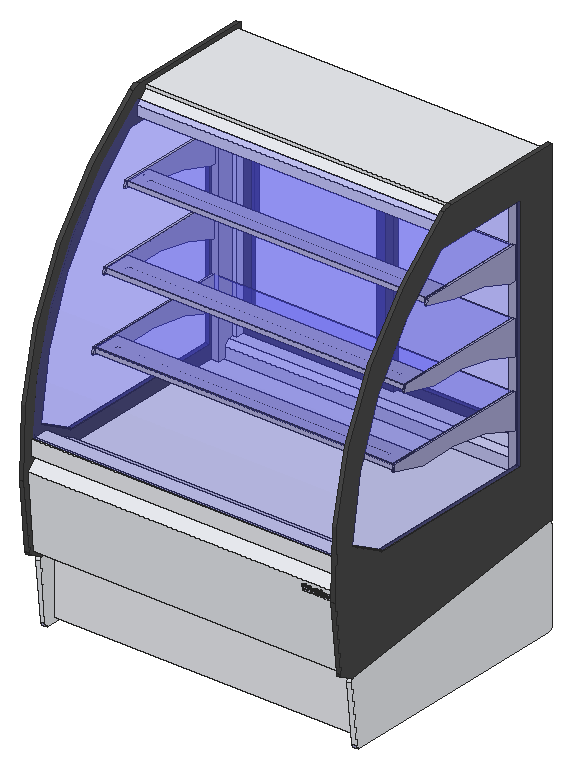
Revit family
Parameters
  Width = 37"  # constant formula
  Weight in Pounds = 0
  Watts = Volts * FL Amps  # 897 W
  Volts = 115 V
  URL Cutsheet = "www.infrico.us"
  URL = "www.infrico.us"
  Type Mark [instance] = ""
  Status [instance] = ""
  Specification by User [instance] = ""
  Specification by Manufacturer = ""
  Show Logo [instance] = yes
  Serial Number = ""
  Seismic Rating = ""
  SMACNA No = ""
  Revision Code [instance] = ""
  Refrigerant Type = "R404A"  # constant formula
  Phase = 1
  Omniclass Number and Title = ""
  Number of Poles [instance] = 1
  NAFEM Spec ID Number = ""
  Model = "VBR 9 R"
  Min Ckt Ampacity = 0 A
  Max Overcurrent Protection = 0 A
  Masterspec = ""
  Manufacturer = "INFRICO"
  Light Length = Width - 5"  # 32"
  Height = 51 1/8"  # constant formula
  Description = "DISPLAY CASES - DELI CURVED GLASS"
  Depth = 31 7/8"  # constant formula
  Item Number [instance] = ""
  Installed By [instance] = ""
  Identify Quantity as Lot [instance] = yes
  HP = "1/2"  # constant formula
  Furnished By [instance] = ""
  Foodservice Equipment Identifier [instance] = yes
  FL Amps = 7.8 A
  Electrical Remarks [instance] = ""
  Electric Connection Type [instance] = ""
  Elec Conn RI Height [instance] = 0"
  Elec Conn Connection Height [instance] = 0"
  Cycle = 60 Hz
  Conn Plug = "NEMA 5-15P"
  Conn Conduit = yes
  CSI MasterFormat = ""
  CSI Master Format = ""
  Apparent Power = if(Phase = 3, Volts * FL Amps * 1.73, Volts * FL Amps)  # 897 VA
Reference planes (in)
  plane 1 "BACK": y = 0
  plane 2: z = 0
  plane 3 "LEFT": x = 0
  plane 4 "RIGHT": x = 37
  plane 5 "FRONT": y = -31.875
  plane 6 "TOP": z = 51.125
  plane 7 "Center Y": x = 18.5
  plane 8 "Center X": y = -15.9375
  plane 9: x = 1
  plane 10: x = 36
Forms (in)
  Extrusion 1, solid, material "QF_Finishes_White"
    sketch origin (0, 0, 0) x (0, 1, 0) y (0, 0, 1)
      loop
        line (-0.48031, 11.5) -> (-0.48031, 19.59855) -> (-3.05638, 19.59855) -> (-3.62768, 19.02725) -> (-3.62768, 17.67042) -> (-24.86284, 17.67042) -> (-24.86284, 18.44891) -> (-28.50538, 20.36209) -> (-28.50538, 20.80661) -> (-30.34807, 20.80661)
        arc (-30.34807, 20.80661) -> (-30.35543, 20.38548) -> (-30.35788, 19.9643) r 36.16632
        line (-30.35788, 19.9643) -> (-30.59406, 19.9643)
        arc (-30.59406, 19.9643) -> (-30.59163, 20.38548) -> (-30.58432, 20.80661) r 36.40248
        line (-30.58432, 20.80661) -> (-30.71339, 20.80661) -> (-30.71339, 19.01899) -> (-29.33627, 19.01899) -> (-29.33627, 18.67407) -> (-30.17217, 18.67407) -> (-31.24945, 17.59678) -> (-30.48684, 8.88008) -> (-29.73684, 8.88008) -> (-29.73684, 11.55739) -> (-27.43477, 11.55739) -> (-27.43477, 0.64786) -> (-1.85827, 0.64786) -> (-1.85827, 11.5) -> (-0.48031, 11.5)
      loop
        line (-0.48031, 50.7313) -> (-13.99258, 50.7313) -> (-13.99258, 50.36407) -> (-15.21189, 49.14475) -> (-15.21189, 47.94877) -> (-14.07303, 47.94877) -> (-14.07303, 48.37162) -> (-13.46043, 48.37162) -> (-13.46043, 48.24469) -> (-13.6819, 48.02322) -> (-13.21984, 47.56116) -> (-12.8022, 47.9788) -> (-0.48031, 47.9788) -> (-0.48031, 50.7313)
    from 0.5 to 36.5
  Extrusion 2, solid, material "QF_Finishes_Black"
    sketch origin (0, 0, 0) x (0, 1, 0) y (0, 0, 1)
      loop
        line (0, 11.51472) -> (0, 51.125) -> (-14.60682, 51.125)
        arc (-14.60682, 51.125) -> (-15.14143, 51.04241) -> (-15.62621, 50.80235) r 1.77165
        arc (-15.62621, 50.80235) -> (-28.17777, 35.8849) -> (-31.72567, 16.71501) r 38.16992
        line (-31.72567, 16.71501) -> (-30.95024, 8.87628)
        arc (-30.95024, 8.87628) -> (-30.88928, 8.70161) -> (-30.75527, 8.57406) r 0.3937
        line (-30.75527, 8.57406) -> (-29.30898, 7.7392)
        arc (-29.30898, 7.7392) -> (-29.18913, 7.69407) -> (-29.06114, 7.68979) r 0.3937
        line (-29.06114, 7.68979) -> (-29.00937, 7.69656) -> (0, 11.51472)
      loop
        line (-4.45623, 47.16961) -> (-16.27422, 47.16961)
        arc (-16.27422, 47.16961) -> (-25.44315, 35.77877) -> (-29.27089, 21.66606) r 35.668
        line (-29.27089, 21.66606) -> (-24.70573, 19.13555) -> (-4.45623, 19.13555) -> (-4.45623, 47.16961)
    from 0 to 0.5
  Extrusion 3, solid, material "QF_Finishes_White"
    sketch origin (0, 0, 0) x (0, 1, 0) y (0, 0, 1)
      loop
        arc (-29.00937, 7.76883) -> (-29.26712, 7.62273) -> (-29.35, 7.33828) r 0.3937
        line (-29.35, 7.33828) -> (-28.64337, 0.44898)
        arc (-28.64337, 0.44898) -> (-28.48101, 0.12885) -> (-28.14598, 0) r 0.5
        line (-28.14598, 0) -> (-0.5, 0)
        arc (-0.5, 0) -> (-0.14645, 0.14645) -> (0, 0.5) r 0.5
        line (0, 0.5) -> (0, 11.11307)
        arc (0, 11.11307) -> (-0.13397, 11.40894) -> (-0.44471, 11.50345) r 0.3937
        line (-0.44471, 11.50345) -> (-29.00937, 7.76883)
    from 0 to 0.5
  Extrusion 4, solid, material "QF_Finishes_Black"
    sketch origin (37, 0, 0) x (0, 1, 0) y (0, 0, 1)
      loop
        line (0, 11.51472) -> (0, 51.125) -> (-14.60682, 51.125)
        arc (-14.60682, 51.125) -> (-15.14143, 51.04241) -> (-15.62621, 50.80235) r 1.77165
        arc (-15.62621, 50.80235) -> (-28.17777, 35.8849) -> (-31.72567, 16.71501) r 38.16992
        line (-31.72567, 16.71501) -> (-30.95024, 8.87628)
        arc (-30.95024, 8.87628) -> (-30.88928, 8.70161) -> (-30.75527, 8.57406) r 0.3937
        line (-30.75527, 8.57406) -> (-29.30898, 7.7392)
        arc (-29.30898, 7.7392) -> (-29.18913, 7.69407) -> (-29.06114, 7.68979) r 0.3937
        line (-29.06114, 7.68979) -> (-29.00937, 7.69656) -> (0, 11.51472)
      loop
        line (-4.45623, 47.16961) -> (-16.27422, 47.16961)
        arc (-16.27422, 47.16961) -> (-25.44315, 35.77877) -> (-29.27089, 21.66606) r 35.668
        line (-29.27089, 21.66606) -> (-24.70573, 19.13555) -> (-4.45623, 19.13555) -> (-4.45623, 47.16961)
    from -0.5 to 0
  Extrusion 5, solid, material "QF_Finishes_White"
    sketch origin (37, 0, 0) x (0, 1, 0) y (0, 0, 1)
      loop
        arc (-29.00937, 7.76883) -> (-29.26712, 7.62273) -> (-29.35, 7.33828) r 0.3937
        line (-29.35, 7.33828) -> (-28.64337, 0.44898)
        arc (-28.64337, 0.44898) -> (-28.48101, 0.12885) -> (-28.14598, 0) r 0.5
        line (-28.14598, 0) -> (-0.5, 0)
        arc (-0.5, 0) -> (-0.14645, 0.14645) -> (0, 0.5) r 0.5
        line (0, 0.5) -> (0, 11.11307)
        arc (0, 11.11307) -> (-0.13397, 11.40894) -> (-0.44471, 11.50345) r 0.3937
        line (-0.44471, 11.50345) -> (-29.00937, 7.76883)
    from -0.5 to 0
  Extrusion 6, solid, material "Glass"
    sketch origin (0, 0, 0) x (0, 1, 0) y (0, 0, 1)
      loop
        line (-30.59405, 19.9643) -> (-30.35788, 19.9643)
        arc (-30.35788, 19.9643) -> (-26.27185, 36.66332) -> (-14.93704, 49.58908) r 36.16632
        line (-14.93704, 49.58908) -> (-15.07256, 49.78272)
        arc (-15.07256, 49.78272) -> (-26.48141, 36.77247) -> (-30.59405, 19.9643) r 36.40246
    from 0.5 to 36.5
  Extrusion 7, solid, material "Glass"
    sketch origin (0, 0, 0) x (0, 1, 0) y (0, 0, 1)
      loop
        line (-4.45623, 47.21645) -> (-16.27422, 47.21645)
        arc (-16.27422, 47.21645) -> (-25.44315, 35.82561) -> (-29.27089, 21.7129) r 35.668
        line (-29.27089, 21.7129) -> (-24.70573, 19.18239) -> (-4.45623, 19.18239) -> (-4.45623, 47.21645)
    from 0 to 0.5
  Extrusion 8, solid, material "Glass"
    sketch origin (37, 0, 0) x (0, 1, 0) y (0, 0, 1)
      loop
        line (-4.45623, 47.21645) -> (-16.27422, 47.21645)
        arc (-16.27422, 47.21645) -> (-25.44315, 35.82561) -> (-29.27089, 21.7129) r 35.668
        line (-29.27089, 21.7129) -> (-24.70573, 19.18239) -> (-4.45623, 19.18239) -> (-4.45623, 47.21645)
    from -0.5 to 0
  Extrusion 9, solid, material "QF_Finishes_Black"
    sketch origin (0, -0.48031, 47.9788) x (0, 0, 1) y (1, 0, 0)
      loop
        line (-0.03003, 35) -> (-28.31775, 35) -> (-28.31775, 17.2874) -> (-0.03003, 17.2874) -> (-0.03003, 35)
      loop
        line (-1.03003, 34) -> (-27.31775, 34) -> (-27.31775, 18.2874) -> (-1.03003, 18.2874) -> (-1.03003, 34)
    from 0 to -0.5
  Extrusion 10, solid, material "QF_Finishes_Black"
    sketch origin (0, -0.48031, 47.9788) x (0, 0, 1) y (1, 0, 0)
      loop
        line (-0.03003, 2) -> (-0.03003, 19.7126) -> (-28.31775, 19.7126) -> (-28.31775, 2) -> (-0.03003, 2)
      loop
        line (-1.03003, 3) -> (-1.03003, 18.7126) -> (-27.31775, 18.7126) -> (-27.31775, 3) -> (-1.03003, 3)
    from -0.5 to -1
  Extrusion 11, solid, material "Glass"
    sketch origin (0, -0.48031, 47.9788) x (0, 0, 1) y (1, 0, 0)
      loop
        line (-1.03003, 34) -> (-27.31775, 34) -> (-27.31775, 18.2874) -> (-1.03003, 18.2874) -> (-1.03003, 34)
    from 0 to -0.5
  Extrusion 12, solid, material "Glass"
    sketch origin (0, -0.48031, 47.9788) x (0, 0, 1) y (1, 0, 0)
      loop
        line (-1.03003, 3) -> (-1.03003, 18.7126) -> (-27.31775, 18.7126) -> (-27.31775, 3) -> (-1.03003, 3)
    from -0.5 to -1
  Extrusion 13, solid, material "QF_Finishes_Black"
    sketch origin (34, -0.48031, 20.66105) x (0, 0, 1) y (0, -1, 0)
      loop
        line (19.28772, 0) -> (9.32709, 0) -> (9.8074, -0.48031) -> (18.8074, -0.48031) -> (19.28772, 0)
    from 0 to 0.5
  Extrusion 14, solid, material "QF_Finishes_Black"
    sketch origin (2, -0.48031, 19.66105) x (0, 0, 1) y (0, 1, 0)
      loop
        line (20.28772, -0.5) -> (19.8074, -0.01969) -> (10.8074, -0.01969) -> (10.32709, -0.5) -> (20.28772, -0.5)
    from -0.5 to -1
  Extrusion 15, solid, material "QF_Finishes_Stainless Steel"
    sketch origin (0.5, 0, 0) x (0, 1, 0) y (0, 0, 1)
      loop
        line (-4.50741, 26.75099) -> (-22.00895, 26.75099)
        arc (-22.00895, 26.75099) -> (-22.00904, 26.72717) -> (-22.00906, 26.70335) r 9.12686
        line (-22.00906, 26.70335) -> (-22.11676, 26.09258)
        arc (-22.11676, 26.09258) -> (-22.11119, 26.06459) -> (-22.08818, 26.04772) r 0.03937
        line (-22.08818, 26.04772) -> (-17.92989, 24.93318)
        arc (-17.92989, 24.93318) -> (-11.0687, 24.75319) -> (-4.50741, 22.7388) r 25.34396
        line (-4.50741, 22.7388) -> (-4.50741, 26.75099)
      loop
        line (-4.50741, 34.46028) -> (-20.43415, 34.46028)
        arc (-20.43415, 34.46028) -> (-20.43424, 34.43647) -> (-20.43426, 34.41265) r 9.12686
        line (-20.43426, 34.41265) -> (-20.54196, 33.80188)
        arc (-20.54196, 33.80188) -> (-20.53639, 33.77389) -> (-20.51338, 33.75702) r 0.03937
        line (-20.51338, 33.75702) -> (-16.35509, 32.64248)
        arc (-16.35509, 32.64248) -> (-10.28576, 32.32471) -> (-4.50741, 30.44098) r 23.191
        line (-4.50741, 30.44098) -> (-4.50741, 34.46028)
      loop
        line (-4.43207, 42.17222) -> (-17.28454, 42.17222)
        arc (-17.28454, 42.17222) -> (-17.28465, 42.14056) -> (-17.28465, 42.10891) r 9.12687
        line (-17.28465, 42.10891) -> (-17.39235, 41.49814)
        arc (-17.39235, 41.49814) -> (-17.38678, 41.47015) -> (-17.36377, 41.45328) r 0.03937
        line (-17.36377, 41.45328) -> (-13.20548, 40.35181)
        arc (-13.20548, 40.35181) -> (-9.01204, 39.76014) -> (-5.00741, 38.38245) r 22.18652
        line (-5.00741, 38.38245) -> (-4.43207, 38.38245) -> (-4.43207, 42.17222)
    from 0.25 to 0.5
  Extrusion 16, solid, material "QF_Finishes_Stainless Steel"
    sketch origin (36.5, 0, 0) x (0, -1, 0) y (0, 0, 1)
      loop
        line (4.50741, 26.75099) -> (4.50741, 22.7388)
        arc (4.50741, 22.7388) -> (11.0687, 24.75319) -> (17.92989, 24.93318) r 25.34396
        line (17.92989, 24.93318) -> (22.08818, 26.04772)
        arc (22.08818, 26.04772) -> (22.11119, 26.06459) -> (22.11676, 26.09258) r 0.03937
        line (22.11676, 26.09258) -> (22.00906, 26.70335)
        arc (22.00906, 26.70335) -> (22.00904, 26.72717) -> (22.00895, 26.75099) r 9.12686
        line (22.00895, 26.75099) -> (4.50741, 26.75099)
      loop
        line (4.50741, 34.46289) -> (4.50741, 30.44098)
        arc (4.50741, 30.44098) -> (10.28576, 32.32471) -> (16.35509, 32.64248) r 23.191
        line (16.35509, 32.64248) -> (20.51338, 33.74394)
        arc (20.51338, 33.74394) -> (20.53639, 33.76082) -> (20.54196, 33.78881) r 0.03937
        line (20.54196, 33.78881) -> (20.43426, 34.39957)
        arc (20.43426, 34.39957) -> (20.43426, 34.43123) -> (20.43415, 34.46289) r 9.12687
        line (20.43415, 34.46289) -> (4.50741, 34.46289)
      loop
        line (4.43207, 42.17575) -> (4.43207, 38.38505) -> (5.00741, 38.38505)
        arc (5.00741, 38.38505) -> (9.01206, 39.76258) -> (13.20548, 40.35419) r 22.18889
        line (13.20548, 40.35419) -> (17.36377, 41.45328)
        arc (17.36377, 41.45328) -> (17.38678, 41.47015) -> (17.39235, 41.49814) r 0.03937
        line (17.39235, 41.49814) -> (17.28465, 42.10891)
        arc (17.28465, 42.10891) -> (17.28466, 42.14233) -> (17.28454, 42.17575) r 9.12688
        line (17.28454, 42.17575) -> (4.43207, 42.17575)
    from 0.25 to 0.5
  Extrusion 17, solid, material "QF_Finishes_Stainless Steel"
    sketch origin (1, 0, 0) x (0, 1, 0) y (0, 0, 1)
      loop
        line (-20.47808, 33.94083) -> (-19.75622, 33.94083) -> (-19.75622, 34.33528) -> (-18.45573, 34.33528) -> (-18.45573, 33.94083) -> (-17.41685, 33.94083) -> (-17.36328, 34.41327) -> (-20.39478, 34.41327) -> (-20.47808, 33.94083)
      loop
        line (-22.05289, 26.23153) -> (-21.33102, 26.23153) -> (-21.33102, 26.62599) -> (-20.03054, 26.62599) -> (-20.03054, 26.23153) -> (-18.99165, 26.23153) -> (-18.93809, 26.70397) -> (-21.96958, 26.70397) -> (-22.05289, 26.23153)
      loop
        line (-17.32848, 41.65277) -> (-16.60661, 41.65277) -> (-16.60661, 42.04722) -> (-15.30613, 42.04722) -> (-15.30613, 41.65277) -> (-14.26724, 41.65277) -> (-14.21368, 42.12521) -> (-17.24517, 42.12521) -> (-17.32848, 41.65277)
    from 0 to 35
  Extrusion 18, solid, material "Glass"
    sketch origin (1, 0, 0) x (0, 1, 0) y (0, 0, 1)
      loop
        line (-17.24517, 42.04722) -> (-4.43207, 42.04722) -> (-4.43207, 42.17222) -> (-17.24517, 42.17222) -> (-17.24517, 42.04722)
      loop
        line (-20.39478, 34.33528) -> (-4.43207, 34.33528) -> (-4.43207, 34.46028) -> (-20.39478, 34.46028) -> (-20.39478, 34.33528)
      loop
        line (-21.97231, 26.62599) -> (-4.43207, 26.62599) -> (-4.43207, 26.75099) -> (-21.97231, 26.75099) -> (-21.97231, 26.62599)
    from 0 to 35
  Extrusion 19, solid, material "QF_Finishes_Stainless Steel"
    sketch origin (0, -1.85827, 0.64786) x (0, 0, 1) y (1, 0, 0)
      loop
        line (7.27887, 33.71463) -> (5.77887, 33.71463) -> (5.77887, 26.71463) -> (7.27887, 26.71463) -> (7.27887, 33.71463)
    from 0 to 0.125
  Extrusion 20, solid, material "QF_Finishes_Rubber Black"
    sketch origin (0, -1.73327, 0.64786) x (0, 0, 1) y (1, 0, 0)
      loop
        line (7.07776, 30.3344) -> (6.68424, 30.3344) -> (6.68424, 29.8344) -> (7.07776, 29.8344) -> (7.07776, 30.3344)
      loop
        line (7.07776, 29.66542) -> (6.68424, 29.66542) -> (6.68424, 29.16542) -> (7.07776, 29.16542) -> (7.07776, 29.66542)
      loop
        line (7.07776, 28.91542) -> (6.68424, 28.91542) -> (6.68424, 28.41542) -> (7.07776, 28.41542) -> (7.07776, 28.91542)
      loop
        line (7.07776, 28.16542) -> (6.68424, 28.16542) -> (6.68424, 27.66542) -> (7.07776, 27.66542) -> (7.07776, 28.16542)
      loop
        line (6.4085, 30.3344) -> (6.01498, 30.3344) -> (6.01498, 29.8344) -> (6.4085, 29.8344) -> (6.4085, 30.3344)
      loop
        line (6.4085, 29.66542) -> (6.01498, 29.66542) -> (6.01498, 29.16542) -> (6.4085, 29.16542) -> (6.4085, 29.66542)
      loop
        line (6.4085, 28.91542) -> (6.01498, 28.91542) -> (6.01498, 28.41542) -> (6.4085, 28.41542) -> (6.4085, 28.91542)
      loop
        line (6.4085, 28.16542) -> (6.01498, 28.16542) -> (6.01498, 27.66542) -> (6.4085, 27.66542) -> (6.4085, 28.16542)
    from 0 to 0.0625
  Extrusion 21, solid, material "QF_Finishes_Stainless Steel"
    sketch origin (0, -1.85827, 0.64786) x (0, 0, 1) y (1, 0, 0)
      loop
        line (9.47227, 24.67285) -> (2.37013, 24.67285) -> (2.37013, 9.09805) -> (9.47227, 9.09805) -> (9.47227, 24.67285)
      loop
        line (9.22227, 24.42285) -> (2.62013, 24.42285) -> (2.62013, 9.34805) -> (9.22227, 9.34805) -> (9.22227, 24.42285)
    from 0 to 0.0625
  Extrusion 22, solid, material "QF_Finishes_Stainless Steel"
    sketch origin (0, -1.85827, 0.64786) x (0, 0, 1) y (1, 0, 0)
      loop
        circle (4.8729, 3.71598) r 0.5
    from 0 to 0.0625
  Extrusion 23, solid, material "QF_Finishes_White"
    sketch origin (0, -0.48031, 47.9788) x (0, 0, 1) y (1, 0, 0)
      loop
        line (-0.03003, 36.5) -> (-28.38025, 36.5) -> (-28.38025, 35) -> (-0.03003, 35) -> (-0.03003, 36.5)
      loop
        line (-0.03003, 0.5) -> (-0.03003, 2) -> (-28.38025, 2) -> (-28.38025, 0.5) -> (-0.03003, 0.5)
    from 0 to -2
  Extrusion 24, solid, material "QF_Finishes_Stainless Steel"
    sketch origin (0, -2.48031, 47.9788) x (0, 0, -1) y (1, 0, 0)
      loop
        line (30.30838, 1.5) -> (0.03003, 1.5) -> (0.03003, 0.5) -> (30.30838, 0.5) -> (30.30838, 1.5)
      loop
        line (30.30838, 35.5) -> (30.30838, 36.5) -> (0.03003, 36.5) -> (0.03003, 35.5) -> (30.30838, 35.5)
    from 0 to 1.95313
  Extrusion 25, solid, material "QF_Finishes_Stainless Steel", visible <- "Show Logo", detail levels medium+fine
    sketch origin (0, -31.26429, 17.59678) x (0, 0.087156, -0.996195) y (1, 0, 0)
      loop
        arc (1.0414, 34.05122) -> (1.11614, 34.12596) -> (1.0414, 34.2007) r 0.07474
        line (1.0414, 34.2007) -> (0.81157, 34.2007)
        arc (0.81157, 34.2007) -> (0.57904, 33.96817) -> (0.81157, 33.73564) r 0.23253
        line (0.81157, 33.73564) -> (1.0414, 33.73564)
        arc (1.0414, 33.73564) -> (1.11614, 33.81038) -> (1.0414, 33.88512) r 0.07474
        line (1.0414, 33.88512) -> (0.81157, 33.88512)
        arc (0.81157, 33.88512) -> (0.72852, 33.96817) -> (0.81157, 34.05122) r 0.08305
        line (0.81157, 34.05122) -> (1.0414, 34.05122)
      loop
        arc (1.04802, 34.24263) -> (1.11144, 34.30605) -> (1.04802, 34.36947) r 0.06342
        line (1.04802, 34.36947) -> (0.84191, 34.37372) -> (0.84191, 34.44019)
        arc (0.84191, 34.44019) -> (0.77851, 34.50359) -> (0.71511, 34.44019) r 0.0634
        line (0.71511, 34.44019) -> (0.71076, 34.36947) -> (0.64712, 34.36947)
        arc (0.64712, 34.36947) -> (0.5943, 34.39085) -> (0.57123, 34.44296) r 0.07593
        arc (0.57123, 34.44296) -> (0.50749, 34.5037) -> (0.44574, 34.44094) r 0.06276
        arc (0.44574, 34.44094) -> (0.50383, 34.30071) -> (0.64406, 34.24263) r 0.19832
        line (0.64406, 34.24263) -> (1.04802, 34.24263)
      loop
        arc (1.04787, 34.54487) -> (1.11127, 34.60827) -> (1.04787, 34.67166) r 0.0634
        line (1.04787, 34.67166) -> (0.84753, 34.67166)
        arc (0.84753, 34.67166) -> (0.7478, 34.71261) -> (0.70562, 34.81183) r 0.14192
        arc (0.70562, 34.81183) -> (0.6466, 34.8733) -> (0.5814, 34.81842) r 0.06233
        arc (0.5814, 34.81842) -> (0.59311, 34.74227) -> (0.64244, 34.68308) r 0.14387
        line (0.64244, 34.68308) -> (0.67869, 34.66496) -> (0.63925, 34.67115)
        arc (0.63925, 34.67115) -> (0.58126, 34.60551) -> (0.64446, 34.54487) r 0.06325
        line (0.64446, 34.54487) -> (1.04787, 34.54487)
      loop
        arc (1.04576, 34.91891) -> (1.10916, 34.98231) -> (1.04576, 35.04571) r 0.0634
        line (1.04576, 35.04571) -> (0.64228, 35.04571)
        arc (0.64228, 35.04571) -> (0.57888, 34.98231) -> (0.64228, 34.91891) r 0.0634
        line (0.64228, 34.91891) -> (1.04576, 34.91891)
      loop
        arc (0.6531, 35.52466) -> (0.85332, 35.08244) -> (1.02848, 35.53517) r 0.2632
        arc (1.02848, 35.53517) -> (0.92577, 35.53321) -> (0.92773, 35.4305) r 0.07264
        arc (0.92773, 35.4305) -> (0.84925, 35.22767) -> (0.75955, 35.42579) r 0.11792
        arc (0.75955, 35.42579) -> (0.75576, 35.52845) -> (0.6531, 35.52466) r 0.07264
      loop
        circle (0.84595, 35.82971) r 0.26527
      loop
        circle (0.84595, 35.82971) r 0.11811
      loop
        line (1.1124, 32.7558) -> (1.1124, 33.63654)
        arc (1.1124, 33.63654) -> (1.0958, 33.67663) -> (1.05571, 33.69323) r 0.05669
        line (1.05571, 33.69323) -> (0.64439, 33.69323)
        arc (0.64439, 33.69323) -> (0.581, 33.62984) -> (0.64439, 33.56644) r 0.0634
        line (0.64439, 33.56644) -> (0.98129, 33.56644) -> (0.98561, 32.7558) -> (1.1124, 32.7558)
      loop
        circle (0.44039, 33.62994) r 0.06343
      loop
        circle (0.44039, 34.98349) r 0.06343
      loop
        line (0.91418, 32.7558) -> (0.91418, 33.3623) -> (0.79161, 33.3623) -> (0.75949, 33.43114)
        arc (0.75949, 33.43114) -> (0.70876, 33.4495) -> (0.69054, 33.39872) r 0.03809
        line (0.69054, 33.39872) -> (0.70539, 33.36737) -> (0.61635, 33.456)
        arc (0.61635, 33.456) -> (0.52684, 33.4559) -> (0.52673, 33.36639) r 0.06337
        line (0.52673, 33.36639) -> (0.61199, 33.28073) -> (0.57687, 33.28073)
        arc (0.57687, 33.28073) -> (0.53883, 33.24269) -> (0.57687, 33.20465) r 0.03804
        line (0.57687, 33.20465) -> (0.68849, 33.20465) -> (0.76287, 33.12984) -> (0.61494, 33.12984) -> (0.55381, 33.19098)
        arc (0.55381, 33.19098) -> (0.49584, 33.18631) -> (0.50974, 33.12984) r 0.03817
        line (0.50974, 33.12984) -> (0.41957, 33.12984)
        arc (0.41957, 33.12984) -> (0.35596, 33.06623) -> (0.41957, 33.00262) r 0.06361
        line (0.41957, 33.00262) -> (0.50915, 33.00262)
        arc (0.50915, 33.00262) -> (0.49685, 32.94627) -> (0.55437, 32.94202) r 0.03819
        line (0.55437, 32.94202) -> (0.61537, 33.00262) -> (0.76287, 33.00262) -> (0.68891, 32.92866) -> (0.57754, 32.92866)
        arc (0.57754, 32.92866) -> (0.53929, 32.89041) -> (0.57754, 32.85216) r 0.03825
        line (0.57754, 32.85216) -> (0.61241, 32.85216) -> (0.52695, 32.76671)
        arc (0.52695, 32.76671) -> (0.5269, 32.67715) -> (0.61646, 32.677) r 0.06336
        line (0.61646, 32.677) -> (0.70581, 32.76594) -> (0.69095, 32.73423)
        arc (0.69095, 32.73423) -> (0.70937, 32.68352) -> (0.76003, 32.70208) r 0.0381
        line (0.76003, 32.70208) -> (0.78485, 32.7558) -> (0.91418, 32.7558)
    from 0 to 0.03125
Lines and regions (in)
  Split face 1
    outline origin (0.44102, -27.43477, 11.55739) x (0, 0, -1) y (1, 0, 0)
      loop
        line (3.09381, 10.43398) -> (10.23366, 10.43398) -> (10.23366, 11.68398) -> (3.09381, 11.68398) -> (3.09381, 10.43398)
  Split face 2
    outline origin (2.19102, -27.43477, 11.55739) x (0, 0, -1) y (1, 0, 0)
      loop
        line (3.09381, 10.43398) -> (10.23366, 10.43398) -> (10.23366, 11.68398) -> (3.09381, 11.68398) -> (3.09381, 10.43398)
  Split face 3
    outline origin (3.94102, -27.43477, 11.55739) x (0, 0, -1) y (1, 0, 0)
      loop
        line (3.09381, 10.43398) -> (10.23366, 10.43398) -> (10.23366, 11.68398) -> (3.09381, 11.68398) -> (3.09381, 10.43398)
  Split face 4
    outline origin (5.69102, -27.43477, 11.55739) x (0, 0, -1) y (1, 0, 0)
      loop
        line (3.09381, 10.43398) -> (10.23366, 10.43398) -> (10.23366, 11.68398) -> (3.09381, 11.68398) -> (3.09381, 10.43398)
  Split face 5
    outline origin (7.44102, -27.43477, 11.55739) x (0, 0, -1) y (1, 0, 0)
      loop
        line (3.09381, 10.43398) -> (10.23366, 10.43398) -> (10.23366, 11.68398) -> (3.09381, 11.68398) -> (3.09381, 10.43398)
  Split face 6
    outline origin (38.49122, -27.43477, 11.55739) x (0, 0, -1) y (1, 0, 0)
      loop
        line (3.09381, -12.35918) -> (3.09381, -13.60918) -> (10.23366, -13.60918) -> (10.23366, -12.35918) -> (3.09381, -12.35918)
  Split face 7
    outline origin (40.24122, -27.43477, 11.55739) x (0, 0, -1) y (1, 0, 0)
      loop
        line (3.09381, -15.85918) -> (3.09381, -17.10918) -> (10.23366, -17.10918) -> (10.23366, -15.85918) -> (3.09381, -15.85918)
  Split face 8
    outline origin (41.99122, -27.43477, 11.55739) x (0, 0, -1) y (1, 0, 0)
      loop
        line (3.09381, -19.35918) -> (3.09381, -20.60918) -> (10.23366, -20.60918) -> (10.23366, -19.35918) -> (3.09381, -19.35918)
  Split face 9
    outline origin (43.74122, -27.43477, 11.55739) x (0, 0, -1) y (1, 0, 0)
      loop
        line (3.09381, -22.85918) -> (3.09381, -24.10918) -> (10.23366, -24.10918) -> (10.23366, -22.85918) -> (3.09381, -22.85918)
  Split face 10
    outline origin (0, -1.73327, 0.64786) x (0, 0, 1) y (1, 0, 0)
      loop
        line (6.91475, 33.01171) -> (6.16475, 33.01171) -> (6.16475, 30.87795) -> (6.91475, 30.87795) -> (6.91475, 33.01171)
  symbolic lines
    curve 1: line (0, 0, 17.875) -> (0.5, 0, 17.875)
    curve 2: line (0, -31.83169, 17.875) -> (0, 0, 17.875)
    curve 3: line (0.5, -31.83169, 17.875) -> (0, -31.83169, 17.875)
    curve 4: line (0.5, 0, 17.875) -> (0.5, -31.83169, 17.875)
    curve 5: line (37, 0, 17.875) -> (36.5, 0, 17.875)
    curve 6: line (37, -31.83169, 17.875) -> (37, 0, 17.875)
    curve 7: line (36.5, -31.83169, 17.875) -> (37, -31.83169, 17.875)
    curve 8: line (36.5, 0, 17.875) -> (36.5, -31.83169, 17.875)
    curve 9: line (0.5, -31.24945, 17.875) -> (36.5, -31.24945, 17.875)
    curve 10: line (0.5, -30.71339, 17.875) -> (36.5, -30.71339, 17.875)
    curve 11: line (0.5, -30.58432, 17.875) -> (36.5, -30.58432, 17.875)
    curve 12: line (0.5, -30.34807, 17.875) -> (36.5, -30.34807, 17.875)
    curve 13: line (36.5, -15.07256, 17.875) -> (0.5, -15.07256, 17.875)
    curve 14: line (0.5, -14.00478, 17.875) -> (36.5, -14.00478, 17.875)
    curve 15: line (0.5, -14.93704, 17.875) -> (36.5, -14.93704, 17.875)
    curve 16: line (36.5, -0.48031, 17.875) -> (0.5, -0.48031, 17.875)
Dimensions and locks (in)
  equal spacing: plane 3 "LEFT", plane 7 "Center Y", plane 4 "RIGHT"
  "Width": plane 3 "LEFT" to plane 4 "RIGHT"
  equal spacing: plane 5 "FRONT", plane 8 "Center X", plane 1 "BACK"
  "Depth": plane 5 "FRONT" to plane 1 "BACK"
  "Height": plane 6 "TOP" to level
  Extrusion 1 to Extrusion 1 = 28.38025"
  Extrusion 1 sketch curve to plane 6 "TOP" = 39 5/8"
  locked: plane 3 "LEFT" to plane 9 at 1
  locked: plane 4 "RIGHT" to plane 10 at 1
  locked: Extrusion 2 to plane 3 "LEFT" at 0.5
  locked: Extrusion 4 to plane 4 "RIGHT" at 0.5
  plane 7 "Center Y" to Extrusion 10 sketch curve to Extrusion 10 sketch curve = 0.2126" locked, 1" locked
  Extrusion 9 sketch curve to Extrusion 9 sketch curve to plane 7 "Center Y" = 1" locked, 0.2126" locked
  aligned and locked: level to plane 2
  aligned and locked: Extrusion 1 to Extrusion 4
  aligned and locked: plane 7 "Center Y" to nested 1
  aligned and locked: plane 7 "Center Y" to nested 2
  aligned and locked: plane 7 "Center Y" to nested 3
  aligned and locked: plane 7 "Center Y" to nested 4
  aligned and locked: plane 9 to Extrusion 17
  aligned and locked: plane 10 to Extrusion 17
  aligned and locked: Extrusion 6 to Extrusion 4
  aligned and locked: Extrusion 11 to Extrusion 9
  aligned and locked: Extrusion 12 to Extrusion 10
  aligned and locked: plane 10 to Extrusion 18
Automatic sketch dimensions
  Extrusion 1 sketch curve to plane 5 "FRONT" = 0.62555"
  Extrusion 1 sketch curve to plane 5 "FRONT" = 1.16161"
  Extrusion 1 sketch curve to Extrusion 1 sketch curve = 0.11933"
  Extrusion 1 sketch curve to Extrusion 1 sketch curve = 0.12907"
  Extrusion 1 sketch curve to plane 5 "FRONT" = 1.38816"
  Extrusion 1 sketch curve to Extrusion 1 sketch curve = 0.23618"
  Extrusion 1 sketch curve to Extrusion 1 sketch curve = 0.23625"
  Extrusion 1 sketch curve to Extrusion 1 sketch curve = 0.54122"
  Extrusion 1 sketch curve to Extrusion 1 sketch curve = 3/4"
  Extrusion 1 sketch curve to Extrusion 1 sketch curve = 0.8359"
  Extrusion 1 sketch curve to Extrusion 1 sketch curve = 1.84269"
  Extrusion 1 sketch curve to Extrusion 1 sketch curve = 2.30207"
  Extrusion 1 sketch curve to Extrusion 1 sketch curve = 3.64254"
  plane 8 "Center X" to Extrusion 1 sketch curve = 0.72561"
  Extrusion 1 sketch curve to Extrusion 1 sketch curve = 1.21931"  (x2)
  Extrusion 1 sketch curve to Extrusion 1 sketch curve = 1.13886"
  Extrusion 1 sketch curve to Extrusion 1 sketch curve = 0.39113"
  Extrusion 1 sketch curve to Extrusion 1 sketch curve = 0.22147"
  Extrusion 1 sketch curve to Extrusion 1 sketch curve = 0.46206"
  Extrusion 1 sketch curve to Extrusion 1 sketch curve = 0.41764"
  plane 1 "BACK" to Extrusion 1 sketch curve = 3.62768"
  Extrusion 1 sketch curve to Extrusion 1 sketch curve = 0.5713"  (x2)
  level to Extrusion 1 sketch curve = 0.64786"
  plane 1 "BACK" to Extrusion 1 sketch curve = 1.85827"
  plane 1 "BACK" to Extrusion 1 sketch curve = 0.48031"  (x2)
  Extrusion 1 sketch curve to plane 1 "BACK" = 5.80842"
  Extrusion 1 sketch curve to Extrusion 1 sketch curve = 0"
  Extrusion 1 sketch curve to Extrusion 1 sketch curve = 8.23222"
  Extrusion 1 sketch curve to Extrusion 1 sketch curve = 2.67731"
  Extrusion 1 sketch curve to Extrusion 1 sketch curve = 6.03939"
  Extrusion 1 sketch curve to Extrusion 1 sketch curve = 6.17042"
  Extrusion 1 sketch curve to Extrusion 1 sketch curve = 0.77848"
  Extrusion 1 sketch curve to Extrusion 1 sketch curve = 1.07728"
  Extrusion 1 sketch curve to Extrusion 1 sketch curve = 0.34492"
  Extrusion 1 sketch curve to Extrusion 1 sketch curve = 1.35683"
  Extrusion 1 sketch curve to Extrusion 1 sketch curve = 121/128"
  Extrusion 1 sketch curve to Extrusion 1 sketch curve = 0.00017"
  Extrusion 1 sketch curve to Extrusion 1 sketch curve = 0.44452"
  Extrusion 1 sketch curve to plane 6 "TOP" = 3.56384"
  Extrusion 1 sketch curve to Extrusion 1 sketch curve = 0.38761"
  Extrusion 1 sketch curve to plane 6 "TOP" = 3.1462"
  Extrusion 1 sketch curve to Extrusion 1 sketch curve = 0.42285"
  Extrusion 1 sketch curve to Extrusion 1 sketch curve = 1.19599"
  Extrusion 1 sketch curve to plane 6 "TOP" = 0.3937"
  Extrusion 2 sketch curve to Extrusion 2 sketch curve = 0"  (x3)
  Extrusion 2 sketch curve to plane 6 "TOP" = 0"
  Extrusion 2 sketch curve to plane 1 "BACK" = 0"
  plane 1 "BACK" to Extrusion 2 sketch curve = 4.45623"
  plane 8 "Center X" to Extrusion 2 sketch curve = 1.33068"
  Extrusion 2 sketch curve to plane 6 "TOP" = 0.32265"
  Extrusion 2 sketch curve to Extrusion 2 sketch curve = 1.01939"
  Extrusion 2 sketch curve to plane 8 "Center X" = 0.33672"
  Extrusion 2 sketch curve to plane 5 "FRONT" = 7.16927"
  Extrusion 2 sketch curve to plane 5 "FRONT" = 2.86563"
  Extrusion 2 sketch curve to Extrusion 2 sketch curve = 0.05177"
  Extrusion 2 sketch curve to Extrusion 2 sketch curve = 0.05101"
  Extrusion 2 sketch curve to plane 5 "FRONT" = 2.60411"
  Extrusion 2 sketch curve to Extrusion 2 sketch curve = 0.24784"
  Extrusion 2 sketch curve to plane 5 "FRONT" = 1.31655"
  Extrusion 2 sketch curve to Extrusion 2 sketch curve = 0.19682"
  Extrusion 2 sketch curve to Extrusion 2 sketch curve = 0.19497"
  Extrusion 2 sketch curve to plane 5 "FRONT" = 0.14933"
  Extrusion 2 sketch curve to Extrusion 2 sketch curve = 6.33628"
  Extrusion 2 sketch curve to Extrusion 2 sketch curve = 8.06918"
  Extrusion 2 sketch curve to Extrusion 2 sketch curve = 7.79997"
  Extrusion 2 sketch curve to Extrusion 2 sketch curve = 0.03876"
  Extrusion 2 sketch curve to Extrusion 2 sketch curve = 0.83486"
  Extrusion 2 sketch curve to Extrusion 2 sketch curve = 0.34097"
  Extrusion 2 sketch curve to Extrusion 2 sketch curve = 0.00676"
  Extrusion 2 sketch curve to Extrusion 2 sketch curve = 7.62083"
  Extrusion 2 sketch curve to Extrusion 2 sketch curve = 2.53051"
  Extrusion 3 sketch curve to level = 0"
  Extrusion 3 sketch curve to plane 1 "BACK" = 0"
  Extrusion 3 sketch curve to Extrusion 3 sketch curve = 0.3937"
  Extrusion 3 sketch curve to Extrusion 3 sketch curve = 0.05101"  (x2)
  level to Extrusion 3 sketch curve = 1/2"
  Extrusion 3 sketch curve to plane 5 "FRONT" = 3.72902"
  level to Extrusion 3 sketch curve = 0.44898"
  Extrusion 3 sketch curve to Extrusion 3 sketch curve = 0.49739"
  Extrusion 3 sketch curve to plane 5 "FRONT" = 2.91664"
  Extrusion 3 sketch curve to Extrusion 3 sketch curve = 0.39165"
  Extrusion 3 sketch curve to Extrusion 3 sketch curve = 6.8893"
  Extrusion 3 sketch curve to Extrusion 3 sketch curve = 0.04017"
  Extrusion 3 sketch curve to Extrusion 3 sketch curve = 10.61307"
  Extrusion 4 sketch curve to Extrusion 4 sketch curve = 0"  (x3)
  Extrusion 4 sketch curve to plane 6 "TOP" = 0"
  Extrusion 4 sketch curve to plane 1 "BACK" = 0"
  plane 1 "BACK" to Extrusion 4 sketch curve = 4.45623"
  plane 8 "Center X" to Extrusion 4 sketch curve = 1.33068"
  Extrusion 4 sketch curve to plane 6 "TOP" = 0.32265"
  Extrusion 4 sketch curve to Extrusion 4 sketch curve = 1.01939"
  Extrusion 4 sketch curve to plane 8 "Center X" = 0.33672"
  Extrusion 4 sketch curve to plane 5 "FRONT" = 7.16927"
  Extrusion 4 sketch curve to plane 5 "FRONT" = 2.86563"
  Extrusion 4 sketch curve to Extrusion 4 sketch curve = 0.05177"
  Extrusion 4 sketch curve to Extrusion 4 sketch curve = 0.05101"
  Extrusion 4 sketch curve to plane 5 "FRONT" = 2.60411"
  Extrusion 4 sketch curve to Extrusion 4 sketch curve = 0.24784"
  Extrusion 4 sketch curve to plane 5 "FRONT" = 1.31655"
  Extrusion 4 sketch curve to Extrusion 4 sketch curve = 0.19682"
  Extrusion 4 sketch curve to Extrusion 4 sketch curve = 0.19497"
  Extrusion 4 sketch curve to plane 5 "FRONT" = 0.14933"
  Extrusion 4 sketch curve to Extrusion 4 sketch curve = 6.33628"
  Extrusion 4 sketch curve to Extrusion 4 sketch curve = 8.06918"
  Extrusion 4 sketch curve to Extrusion 4 sketch curve = 7.79997"
  Extrusion 4 sketch curve to Extrusion 4 sketch curve = 0.03876"
  Extrusion 4 sketch curve to Extrusion 4 sketch curve = 0.83486"
  Extrusion 4 sketch curve to Extrusion 4 sketch curve = 0.34097"
  Extrusion 4 sketch curve to Extrusion 4 sketch curve = 0.00676"
  Extrusion 4 sketch curve to Extrusion 4 sketch curve = 7.62083"
  Extrusion 4 sketch curve to Extrusion 4 sketch curve = 2.53051"
  Extrusion 5 sketch curve to level = 0"
  Extrusion 5 sketch curve to plane 1 "BACK" = 0"
  Extrusion 5 sketch curve to Extrusion 5 sketch curve = 0.3937"
  Extrusion 5 sketch curve to Extrusion 5 sketch curve = 0.05101"  (x2)
  level to Extrusion 5 sketch curve = 1/2"
  Extrusion 5 sketch curve to plane 5 "FRONT" = 3.72902"
  level to Extrusion 5 sketch curve = 0.44898"
  Extrusion 5 sketch curve to Extrusion 5 sketch curve = 0.49739"
  Extrusion 5 sketch curve to plane 5 "FRONT" = 2.91664"
  Extrusion 5 sketch curve to Extrusion 5 sketch curve = 0.39165"
  Extrusion 5 sketch curve to Extrusion 5 sketch curve = 6.8893"
  Extrusion 5 sketch curve to Extrusion 5 sketch curve = 0.04017"
  Extrusion 5 sketch curve to Extrusion 5 sketch curve = 10.61307"
  Extrusion 6 sketch curve to plane 5 "FRONT" = 1.28095"
  Extrusion 6 sketch curve to Extrusion 6 sketch curve = 0.23617"
  plane 8 "Center X" to Extrusion 6 sketch curve = 0.86494"
  Extrusion 6 sketch curve to Extrusion 6 sketch curve = 0.13552"
  Extrusion 6 sketch curve to plane 1 "BACK" = 5.80841"
  Extrusion 6 sketch curve to Extrusion 6 sketch curve = 0.00003"
  level to Extrusion 6 sketch curve = 19.9643"
  Extrusion 6 sketch curve to Extrusion 6 sketch curve = 0.00024"
  Extrusion 7 sketch curve to plane 5 "FRONT" = 2.60411"
  Extrusion 7 sketch curve to Extrusion 7 sketch curve = 4.56516"
  Extrusion 7 sketch curve to plane 8 "Center X" = 0.33672"
  plane 1 "BACK" to Extrusion 7 sketch curve = 4.45623"
  Extrusion 7 sketch curve to plane 1 "BACK" = 6.33628"
  level to Extrusion 7 sketch curve = 19.18239"
  Extrusion 7 sketch curve to Extrusion 7 sketch curve = 0.44835"
  Extrusion 7 sketch curve to Extrusion 7 sketch curve = 2.53051"
  Extrusion 8 sketch curve to plane 5 "FRONT" = 2.60411"
  Extrusion 8 sketch curve to Extrusion 8 sketch curve = 4.56516"
  Extrusion 8 sketch curve to plane 8 "Center X" = 0.33672"
  plane 1 "BACK" to Extrusion 8 sketch curve = 4.45623"
  Extrusion 8 sketch curve to plane 1 "BACK" = 6.33628"
  level to Extrusion 8 sketch curve = 19.18239"
  Extrusion 8 sketch curve to Extrusion 8 sketch curve = 0.44835"
  Extrusion 8 sketch curve to Extrusion 8 sketch curve = 2.53051"
  Extrusion 1 to Extrusion 9 sketch curve = 1 1/2"
  Extrusion 9 sketch curve to Extrusion 1 = 28.31775"
  Extrusion 9 sketch curve to Extrusion 9 sketch curve = 1"
  Extrusion 9 sketch curve to Extrusion 1 = 1.03003"
  Extrusion 9 sketch curve to Extrusion 1 = 0.03003"
  Extrusion 1 to Extrusion 9 sketch curve = 2 1/2"
  Extrusion 1 to Extrusion 10 sketch curve = 1 1/2"
  Extrusion 10 sketch curve to Extrusion 1 = 28.31775"
  Extrusion 10 sketch curve to Extrusion 10 sketch curve = 1"
  Extrusion 10 sketch curve to Extrusion 1 = 1.03003"
  Extrusion 10 sketch curve to Extrusion 1 = 0.03003"
  Extrusion 1 to Extrusion 10 sketch curve = 2 1/2"
  Extrusion 1 to Extrusion 11 sketch curve = 2 1/2"
  Extrusion 11 sketch curve to Extrusion 1 = 27.31775"
  Extrusion 11 sketch curve to Extrusion 1 = 1.03003"
  Extrusion 11 sketch curve to Extrusion 11 sketch curve = 15.7126"
  Extrusion 1 to Extrusion 12 sketch curve = 2 1/2"
  Extrusion 12 sketch curve to Extrusion 1 = 27.31775"
  Extrusion 12 sketch curve to Extrusion 1 = 1.03003"
  Extrusion 12 sketch curve to Extrusion 12 sketch curve = 15.7126"
  Extrusion 13 sketch curve to Extrusion 11 = 0"
  Extrusion 11 to Extrusion 13 sketch curve = 9.32709"
  Extrusion 13 sketch curve to Extrusion 13 sketch curve = 0.48031"  (x2)
  Extrusion 13 sketch curve to Extrusion 11 = 0.48031"
  Extrusion 13 sketch curve to Extrusion 11 = 7.48031"
  Extrusion 14 sketch curve to Extrusion 10 = 0"
  Extrusion 10 to Extrusion 14 sketch curve = 10.32709"
  Extrusion 14 sketch curve to Extrusion 14 sketch curve = 0.48031"  (x2)
  Extrusion 14 sketch curve to Extrusion 10 = 0.48031"
  Extrusion 14 sketch curve to Extrusion 10 = 8.48031"
  Extrusion 2 to Extrusion 15 sketch curve = 6 245/256"
  Extrusion 2 to Extrusion 15 sketch curve = 17.66053"
  Extrusion 2 to Extrusion 15 sketch curve = 6.91217"
  Extrusion 15 sketch curve to Extrusion 15 sketch curve = 0.02858"  (x3)
  Extrusion 15 sketch curve to Extrusion 15 sketch curve = 0.01019"  (x2)
  Extrusion 2 to Extrusion 15 sketch curve = 7.5678"
  Extrusion 15 sketch curve to Extrusion 15 sketch curve = 0.10769"  (x3)
  Extrusion 15 sketch curve to Extrusion 15 sketch curve = 0.00011"  (x3)
  Extrusion 15 sketch curve to Extrusion 15 sketch curve = 1.467"
  Extrusion 15 sketch curve to Extrusion 15 sketch curve = 0.03877"
  Extrusion 15 sketch curve to Extrusion 15 sketch curve = 4.15829"  (x3)
  Extrusion 15 sketch curve to Extrusion 15 sketch curve = 3.0418"
  Extrusion 2 to Extrusion 15 sketch curve = 5.0607"
  Extrusion 2 to Extrusion 15 sketch curve = 10.70156"
  Extrusion 15 sketch curve to Extrusion 15 sketch curve = 0.63527"
  Extrusion 15 sketch curve to Extrusion 2 = 0.9482"
  Extrusion 15 sketch curve to Extrusion 15 sketch curve = 3.73557"
  Extrusion 15 sketch curve to Extrusion 15 sketch curve = 5.04768"  (x2)
  Extrusion 2 to Extrusion 15 sketch curve = 3.70156"
  Extrusion 2 to Extrusion 15 sketch curve = 0.55118"
  Extrusion 2 to Extrusion 15 sketch curve = 0.05118"  (x2)
  Extrusion 15 sketch curve to Extrusion 2 = 0.02416"
  Extrusion 15 sketch curve to Extrusion 15 sketch curve = 8.66334"
  Extrusion 15 sketch curve to Extrusion 15 sketch curve = 9.78272"
  Extrusion 2 to Extrusion 15 sketch curve = 3.60325"
  Extrusion 15 sketch curve to Extrusion 15 sketch curve = 1.77284"  (x2)
  Extrusion 15 sketch curve to Extrusion 15 sketch curve = 3.68999"
  Extrusion 15 sketch curve to Extrusion 15 sketch curve = 1.11454"
  Extrusion 15 sketch curve to Extrusion 15 sketch curve = 0.03803"  (x2)
  Extrusion 15 sketch curve to Extrusion 15 sketch curve = 0.61077"
  Extrusion 15 sketch curve to Extrusion 15 sketch curve = 3.92216"
  Extrusion 15 sketch curve to Extrusion 15 sketch curve = 0.65563"
  Extrusion 15 sketch curve to Extrusion 15 sketch curve = 3.74221"
  Extrusion 16 sketch curve to Extrusion 4 = 0.02416"
  Extrusion 4 to Extrusion 16 sketch curve = 0.05118"  (x2)
  Extrusion 4 to Extrusion 16 sketch curve = 0.55118"
  Extrusion 4 to Extrusion 16 sketch curve = 3.70156"
  Extrusion 16 sketch curve to Extrusion 16 sketch curve = 6.79999"
  Extrusion 16 sketch curve to Extrusion 16 sketch curve = 1.5748"
  Extrusion 16 sketch curve to Extrusion 16 sketch curve = 5.04768"  (x3)
  Extrusion 16 sketch curve to Extrusion 4 = 0.9482"
  Extrusion 16 sketch curve to Extrusion 16 sketch curve = 1.31212"
  Extrusion 16 sketch curve to Extrusion 16 sketch curve = 0.3282"
  Extrusion 16 sketch curve to Extrusion 16 sketch curve = 0.63527"
  Extrusion 16 sketch curve to Extrusion 16 sketch curve = 4.07906"  (x3)
  Extrusion 16 sketch curve to Extrusion 16 sketch curve = 0.00011"  (x3)
  Extrusion 16 sketch curve to Extrusion 16 sketch curve = 0.06892"  (x3)
  Extrusion 4 to Extrusion 16 sketch curve = 5.71633"
  Extrusion 16 sketch curve to Extrusion 16 sketch curve = 0.01019"  (x3)
  Extrusion 16 sketch curve to Extrusion 16 sketch curve = 0.03877"  (x3)
  Extrusion 4 to Extrusion 16 sketch curve = 5.79763"
  Extrusion 4 to Extrusion 16 sketch curve = 12.77003"
  Extrusion 4 to Extrusion 16 sketch curve = 13.3808"
  Extrusion 4 to Extrusion 16 sketch curve = 7.5678"
  Extrusion 4 to Extrusion 16 sketch curve = 6 245/256"
  Extrusion 16 sketch curve to Extrusion 16 sketch curve = 8.66334"
  Extrusion 16 sketch curve to Extrusion 16 sketch curve = 9.78272"
  Extrusion 16 sketch curve to Extrusion 16 sketch curve = 0.04486"  (x2)
  Extrusion 16 sketch curve to Extrusion 16 sketch curve = 1.77284"  (x2)
  Extrusion 16 sketch curve to Extrusion 16 sketch curve = 3.68999"
  Extrusion 16 sketch curve to Extrusion 16 sketch curve = 3.92216"
  Extrusion 16 sketch curve to Extrusion 16 sketch curve = 0.03803"
  Extrusion 16 sketch curve to Extrusion 16 sketch curve = 0.61077"
  Extrusion 16 sketch curve to Extrusion 16 sketch curve = 3.74221"
  Extrusion 18 sketch curve to Extrusion 15 = 0"  (x6)
  Extrusion 18 sketch curve to Extrusion 15 = 12.73776"
  Extrusion 18 sketch curve to Extrusion 15 = 1/8"  (x3)
  Extrusion 18 sketch curve to Extrusion 18 sketch curve = 3.14961"
  Extrusion 18 sketch curve to Extrusion 18 sketch curve = 1.57753"
  Extrusion 1 to Split face 1 sketch curve = 3.09381"
  Split face 1 sketch curve to Extrusion 1 = 0.67587"
  Split face 1 sketch curve to Extrusion 1 = 10 3/8"
  Split face 1 sketch curve to Split face 1 sketch curve = 1 1/4"
  Extrusion 1 to Split face 2 sketch curve = 3.09381"
  Split face 2 sketch curve to Extrusion 1 = 0.67587"
  Split face 2 sketch curve to Extrusion 1 = 12 1/8"
  Split face 2 sketch curve to Split face 2 sketch curve = 1 1/4"
  Extrusion 1 to Split face 3 sketch curve = 3.09381"
  Split face 3 sketch curve to Extrusion 1 = 0.67587"
  Split face 3 sketch curve to Extrusion 1 = 13 7/8"
  Split face 3 sketch curve to Split face 3 sketch curve = 1 1/4"
  Extrusion 1 to Split face 4 sketch curve = 3.09381"
  Split face 4 sketch curve to Extrusion 1 = 0.67587"
  Split face 4 sketch curve to Extrusion 1 = 15 5/8"
  Split face 4 sketch curve to Split face 4 sketch curve = 1 1/4"
  Extrusion 1 to Split face 5 sketch curve = 3.09381"
  Split face 5 sketch curve to Extrusion 1 = 0.67587"
  Split face 5 sketch curve to Extrusion 1 = 17 3/8"
  Split face 5 sketch curve to Split face 5 sketch curve = 1 1/4"
  Extrusion 1 to Split face 6 sketch curve = 3.09381"
  Split face 6 sketch curve to Extrusion 1 = 0.67587"
  Split face 6 sketch curve to Extrusion 1 = 11.61796"
  Split face 6 sketch curve to Split face 6 sketch curve = 1 1/4"
  Extrusion 1 to Split face 7 sketch curve = 3.09381"
  Split face 7 sketch curve to Extrusion 1 = 0.67587"
  Split face 7 sketch curve to Extrusion 1 = 13.36796"
  Split face 7 sketch curve to Split face 7 sketch curve = 1 1/4"
  Extrusion 1 to Split face 8 sketch curve = 3.09381"
  Split face 8 sketch curve to Extrusion 1 = 0.67587"
  Split face 8 sketch curve to Extrusion 1 = 15.11796"
  Split face 8 sketch curve to Split face 8 sketch curve = 1 1/4"
  Extrusion 1 to Split face 9 sketch curve = 3.09381"
  Split face 9 sketch curve to Extrusion 1 = 0.67587"
  Split face 9 sketch curve to Extrusion 1 = 16.86796"
  Split face 9 sketch curve to Split face 9 sketch curve = 1 1/4"
  Extrusion 17 sketch curve to Extrusion 15 = 0.51945"  (x4)
  Extrusion 17 sketch curve to Extrusion 15 = 17.54547"
  Extrusion 17 sketch curve to Extrusion 15 = 0.04701"  (x3)
  Extrusion 17 sketch curve to Extrusion 17 sketch curve = 0.0833"  (x3)
  Extrusion 17 sketch curve to Extrusion 15 = 1/8"  (x3)
  Extrusion 17 sketch curve to Extrusion 17 sketch curve = 0.63856"  (x2)
  Extrusion 17 sketch curve to Extrusion 17 sketch curve = 0.85293"
  Extrusion 17 sketch curve to Extrusion 17 sketch curve = 1.30048"  (x3)
  Extrusion 17 sketch curve to Extrusion 17 sketch curve = 0.72187"
  Extrusion 17 sketch curve to Extrusion 17 sketch curve = 1.03889"  (x3)
  Extrusion 17 sketch curve to Extrusion 17 sketch curve = 0.05356"  (x3)
  Extrusion 17 sketch curve to Extrusion 17 sketch curve = 0.03481"
  Extrusion 17 sketch curve to Extrusion 17 sketch curve = 0.47244"  (x2)
  Extrusion 20 sketch curve to Extrusion 19 = 0.23611"  (x3)
  Extrusion 20 sketch curve to Extrusion 20 sketch curve = 0"  (x9)
  Extrusion 20 sketch curve to Extrusion 20 sketch curve = 0.39352"
  Extrusion 20 sketch curve to Extrusion 20 sketch curve = 0.27575"  (x2)
  Extrusion 20 sketch curve to Extrusion 19 = 0.20111"  (x3)
  Extrusion 20 sketch curve to Extrusion 19 = 0.95079"
  Extrusion 20 sketch curve to Extrusion 20 sketch curve = 1/2"  (x7)
  Extrusion 20 sketch curve to Extrusion 20 sketch curve = 1/4"  (x4)
  Extrusion 20 sketch curve to Extrusion 20 sketch curve = 0.16898"  (x2)
  Split face 10 sketch curve to Extrusion 19 = 0.38588"
  Split face 10 sketch curve to Extrusion 19 = 0.36412"
  Split face 10 sketch curve to Extrusion 19 = 2.83668"
  Split face 10 sketch curve to Extrusion 19 = 0.70292"
  Extrusion 1 to Extrusion 21 sketch curve = 2.37013"
  Extrusion 21 sketch curve to Extrusion 21 sketch curve = 1/4"  (x4)
  Extrusion 21 sketch curve to Extrusion 1 = 1.62987"
  Extrusion 1 to Extrusion 21 sketch curve = 8.59805"
  Extrusion 1 to Extrusion 21 sketch curve = 12.07715"
  Extrusion 19 sketch curve to Extrusion 1 = 5.07327"
  Extrusion 19 sketch curve to Extrusion 19 sketch curve = 1 1/2"
  Extrusion 1 to Extrusion 19 sketch curve = 9.78537"
  Extrusion 1 to Extrusion 19 sketch curve = 2.78537"
  Extrusion 1 to Extrusion 22 sketch curve = 4.8729"
  Extrusion 1 to Extrusion 22 sketch curve = 3.21598"
  curve 7 to plane 4 "RIGHT" = 0"
  plane 1 "BACK" to curve 8 = 0"
  plane 1 "BACK" to curve 4 = 0"
  curve 2 to plane 3 "LEFT" = 0"
  curve 5 to curve 8 = 1/2"
  curve 4 to plane 5 "FRONT" = 0.04331"
  curve 4 to curve 2 = 1/2"
  curve 12 to plane 5 "FRONT" = 1.52693"
  curve 12 to curve 11 = 0.23625"
  curve 11 to curve 10 = 0.12907"
  curve 10 to curve 9 = 0.53607"
  curve 6 to plane 5 "FRONT" = 0.04331"
  plane 8 "Center X" to curve 13 = 0.86494"
  curve 14 to curve 13 = 1.06778"
  curve 15 to curve 13 = 0.13552"
  plane 1 "BACK" to curve 16 = 0.48031"
  Extrusion 23 sketch curve to Extrusion 1 = 0"  (x2)
  Extrusion 1 to Extrusion 23 sketch curve = 1 1/2"  (x2)
  Extrusion 23 sketch curve to Extrusion 1 = 28.38025"  (x2)
  Extrusion 23 sketch curve to Extrusion 1 = 0.03003"  (x2)
  Extrusion 24 sketch curve to Extrusion 23 = 0"  (x3)
  Extrusion 24 sketch curve to Extrusion 23 = 1/2"  (x2)
  Extrusion 23 to Extrusion 24 sketch curve = 0"
  Extrusion 23 to Extrusion 24 sketch curve = 1.92813"  (x2)
  Extrusion 25 sketch curve to Extrusion 25 sketch curve = 0"  (x27)
  Extrusion 25 sketch curve to plane 10 = 2.87016"  (x2)
  Extrusion 25 sketch curve to Extrusion 25 sketch curve = 0.02082"  (x2)
  Extrusion 25 sketch curve to Extrusion 25 sketch curve = 0.00535"
  Extrusion 25 sketch curve to Extrusion 25 sketch curve = 0.06276"
  Extrusion 25 sketch curve to Extrusion 25 sketch curve = 0.08959"
  Extrusion 25 sketch curve to Extrusion 25 sketch curve = 0.09017"
  Extrusion 25 sketch curve to plane 10 = 2.63361"
  Extrusion 25 sketch curve to Extrusion 25 sketch curve = 0.08634"
  Extrusion 25 sketch curve to Extrusion 25 sketch curve = 0.01707"
  Extrusion 25 sketch curve to plane 10 = 3.23329"
  Extrusion 25 sketch curve to Extrusion 25 sketch curve = 0.0178"
  Extrusion 25 sketch curve to Extrusion 25 sketch curve = 0.0183"
  Extrusion 25 sketch curve to plane 10 = 2.80902"
  Extrusion 25 sketch curve to Extrusion 25 sketch curve = 0.02699"
  Extrusion 25 sketch curve to Extrusion 25 sketch curve = 0.02692"
  Extrusion 25 sketch curve to Extrusion 25 sketch curve = 0.06273"
  Extrusion 25 sketch curve to Extrusion 25 sketch curve = 0.04491"
  Extrusion 25 sketch curve to Extrusion 25 sketch curve = 0.0448"
  Extrusion 25 sketch curve to Extrusion 25 sketch curve = 0.02306"
  Extrusion 25 sketch curve to Extrusion 25 sketch curve = 0.02316"
  Extrusion 25 sketch curve to Extrusion 25 sketch curve = 0.14101"
  Extrusion 25 sketch curve to plane 10 = 2.71927"
  Extrusion 25 sketch curve to Extrusion 25 sketch curve = 0.03512"
  Extrusion 25 sketch curve to plane 10 = 3.14784"
  Extrusion 25 sketch curve to Extrusion 25 sketch curve = 0.03487"
  Extrusion 25 sketch curve to Extrusion 25 sketch curve = 0.03807"
  Extrusion 25 sketch curve to plane 10 = 2.99738"
  Extrusion 25 sketch curve to Extrusion 25 sketch curve = 0.03783"
  Extrusion 25 sketch curve to Extrusion 25 sketch curve = 0.0447"  (x3)
  Extrusion 25 sketch curve to plane 10 = 3.323"
  Extrusion 25 sketch curve to plane 10 = 1.32885"
  Extrusion 25 sketch curve to Extrusion 25 sketch curve = 0.05785"
  Extrusion 25 sketch curve to Extrusion 25 sketch curve = 0.06088"
  Extrusion 25 sketch curve to plane 10 = 1.31692"
  Extrusion 25 sketch curve to Extrusion 25 sketch curve = 0.00319"
  Extrusion 25 sketch curve to Extrusion 25 sketch curve = 0.0619"
  Extrusion 25 sketch curve to Extrusion 25 sketch curve = 0.07283"
  Extrusion 25 sketch curve to Extrusion 25 sketch curve = 0.02805"
  Extrusion 25 sketch curve to Extrusion 25 sketch curve = 0.0004"
  Extrusion 25 sketch curve to Extrusion 25 sketch curve = 0.00306"
  Extrusion 25 sketch curve to Extrusion 25 sketch curve = 0.01082"
  Extrusion 25 sketch curve to plane 10 = 1.33504"
  Extrusion 25 sketch curve to Extrusion 25 sketch curve = 0.03945"
  Extrusion 25 sketch curve to plane 10 = 2.79535"
  Extrusion 25 sketch curve to Extrusion 25 sketch curve = 0.07354"  (x2)
  Extrusion 25 sketch curve to plane 10 = 3.07134"
  Extrusion 25 sketch curve to Extrusion 25 sketch curve = 0.07419"
  Extrusion 25 sketch curve to Extrusion 25 sketch curve = 0.07449"
  Extrusion 25 sketch curve to plane 10 = 2.63263"
  Extrusion 25 sketch curve to Extrusion 25 sketch curve = 0.01485"
  Extrusion 25 sketch curve to Extrusion 25 sketch curve = 0.06233"
  Extrusion 25 sketch curve to plane 10 = 3.23406"
  Extrusion 25 sketch curve to Extrusion 25 sketch curve = 0.01487"
  Extrusion 25 sketch curve to Extrusion 25 sketch curve = 0.05323"
  Extrusion 25 sketch curve to plane 10 = 1.63053"
  Extrusion 25 sketch curve to Extrusion 25 sketch curve = 0.06364"
  Extrusion 25 sketch curve to plane 10 = 1.55981"
  Extrusion 25 sketch curve to Extrusion 25 sketch curve = 0.06799"
  Extrusion 25 sketch curve to Extrusion 25 sketch curve = 0.01864"
  Extrusion 25 sketch curve to Extrusion 25 sketch curve = 0.03443"
  Extrusion 25 sketch curve to Extrusion 25 sketch curve = 0.0345"
  Extrusion 25 sketch curve to plane 10 = 2.56886"
  Extrusion 25 sketch curve to Extrusion 25 sketch curve = 0.03452"
  Extrusion 25 sketch curve to Extrusion 25 sketch curve = 0.03458"
  Extrusion 25 sketch curve to Extrusion 25 sketch curve = 0.07396"
  Extrusion 25 sketch curve to Extrusion 25 sketch curve = 0.07439"
  Extrusion 25 sketch curve to Extrusion 25 sketch curve = 0.0634"  (x4)
  Extrusion 25 sketch curve to plane 10 = 3.2442"  (x2)
  Extrusion 25 sketch curve to Extrusion 25 sketch curve = 0.02482"
  Extrusion 25 sketch curve to Extrusion 25 sketch curve = 0.03213"
  Extrusion 25 sketch curve to Extrusion 25 sketch curve = 0.16751"
  Extrusion 25 sketch curve to Extrusion 25 sketch curve = 0.0864"  (x2)
  Extrusion 25 sketch curve to Extrusion 25 sketch curve = 0.12327"
  Extrusion 25 sketch curve to Extrusion 25 sketch curve = 0.12257"
  Extrusion 25 sketch curve to Extrusion 25 sketch curve = 0.08177"
  Extrusion 25 sketch curve to Extrusion 25 sketch curve = 0.05038"
  Extrusion 25 sketch curve to Extrusion 25 sketch curve = 0.06711"
  Extrusion 25 sketch curve to Extrusion 25 sketch curve = 0.07143"
  Extrusion 25 sketch curve to Extrusion 25 sketch curve = 0.06011"
  Extrusion 25 sketch curve to Extrusion 25 sketch curve = 0.22983"
  Extrusion 25 sketch curve to Extrusion 25 sketch curve = 0.19823"
  Extrusion 25 sketch curve to Extrusion 25 sketch curve = 0.20597"
  Extrusion 25 sketch curve to Extrusion 25 sketch curve = 0.00662"
  Extrusion 25 sketch curve to Extrusion 25 sketch curve = 0.01431"
  Extrusion 25 sketch curve to Extrusion 25 sketch curve = 0.05669"
  Extrusion 25 sketch curve to Extrusion 25 sketch curve = 0.05372"
  Extrusion 25 sketch curve to Extrusion 25 sketch curve = 0.01598"
  Extrusion 25 sketch curve to Extrusion 25 sketch curve = 0.01336"
  Extrusion 25 sketch curve to Extrusion 25 sketch curve = 0.02709"
  Extrusion 25 sketch curve to Extrusion 25 sketch curve = 0.06884"
  Extrusion 25 sketch curve to Extrusion 25 sketch curve = 0.03135"
  Extrusion 25 sketch curve to Extrusion 25 sketch curve = 0.11043"
  Extrusion 25 sketch curve to Extrusion 25 sketch curve = 0.15542"
  Extrusion 25 sketch curve to Extrusion 25 sketch curve = 0.06343"  (x2)
  Extrusion 25 sketch curve to Extrusion 25 sketch curve = 0.0424"
  Extrusion 25 sketch curve to Extrusion 25 sketch curve = 0.07474"
  Extrusion 25 sketch curve to Extrusion 25 sketch curve = 0.08305"
  Extrusion 25 sketch curve to Extrusion 25 sketch curve = 0.12684"
  Extrusion 25 sketch curve to Extrusion 25 sketch curve = 0.06342"
  Extrusion 25 sketch curve to Extrusion 25 sketch curve = 0.06648"
  Extrusion 25 sketch curve to Extrusion 25 sketch curve = 0.1754"
  Extrusion 25 sketch curve to Extrusion 25 sketch curve = 0.10786"
  Extrusion 25 sketch curve to Extrusion 25 sketch curve = 0.10164"
  Extrusion 25 sketch curve to Extrusion 25 sketch curve = 0.29983"
  Extrusion 25 sketch curve to Extrusion 25 sketch curve = 0.08025"
  Extrusion 25 sketch curve to Extrusion 25 sketch curve = 0.08161"
  Extrusion 25 sketch curve to Extrusion 25 sketch curve = 0.14716"
  Extrusion 25 sketch curve to Extrusion 25 sketch curve = 0.11811"
  radius of Extrusion 22 sketch curve = 1/2"
Nested families (in)
  nested 1: "VBR 9 R_Lighting" at (18.5, -12.54152, -6.39548), type "VBR 9 R_Lighting"
